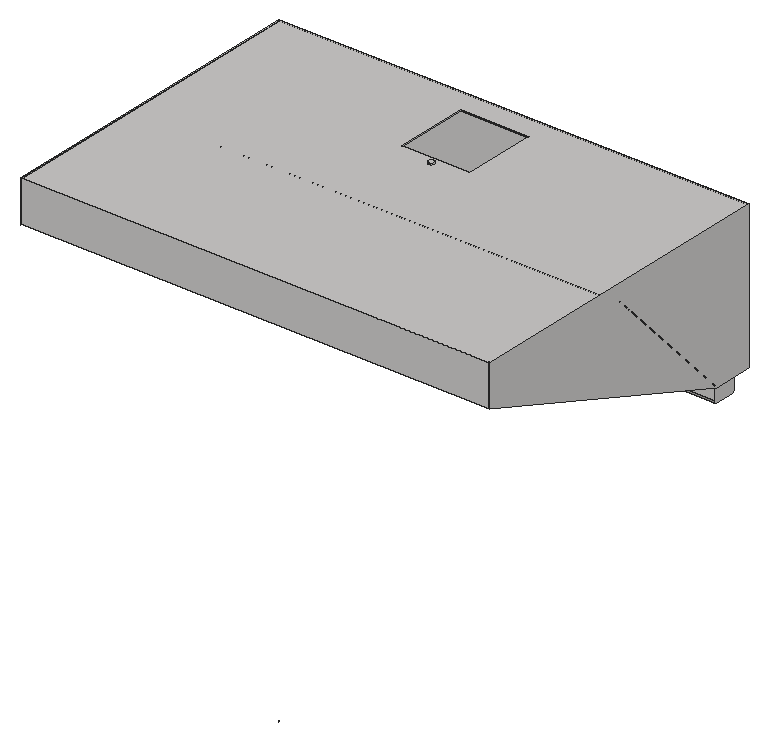
Revit family "QF_ZANUSSI_644213_AMPV1116DT", category Specialty Equipment, Revit 2023
Family settings
  Round Connector Dimension = Use Diameter
  Part Type = Normal
  Work Plane-Based = No
  Enable Cutting in Views = No
  Always vertical = Yes
  Cut with Voids When Loaded = No
  Maintain Annotation Orientation = No
  Shared = No
  Room Calculation Point = No
Parameters
  Weight = 51.00 kg
  Watts = 0 W
  Volts = 220 V
  URL Manufacturer = "http://www.zanussiprofessional.com"
  URL = "http://www.zanussiprofessional.com"
  Phase = 1
  Model = "AMPV1116DT"
  Manufacturer = "Zanussi"
  Length Actual = 1600 mm
  Item Number = "644213"
  Height Actual = 500 mm
  HP = "0.4 HP"
  Gas KW = 0
  Description = "304 S/S WALL HOOD+FILTERS+FAN 1600X1100"
  Depth Actual = 1100 mm
  Default Elevation = 0 mm
  Cycle = 50 Hz
  Accessory = no
Reference planes
  plane 1 "Center (Front/Back)": y = 0
  plane 2: z = 0
  plane 3 "Center (Left/Right)": x = 150
  plane 4 "LEFT": x = -650
  plane 5 "RIGHT": x = 950
  plane 6 "BACK": y = 550
  plane 7 "FRONT": y = -550
  plane 8 "Plane": z = 2000
  plane 9 "TOP": z = 2140
  plane 10 "Base": z = 1640
  plane 11: z = 1566
  plane 12 "DrainY": y = 485
  plane 13: x = -647
  plane 14: through (0, 414.509, 1640.8) normal (0, 0.7314, 0.682)
  plane 15: y = 470
  plane 16: y = 220
  plane 17 "DrainX": x = 830
  plane 18: x = 33.5
  plane 19: x = 266.5
  plane 20: x = 947
  plane 21: x = 740
  plane 22: x = 920
  plane 23: x = -450
  plane 24: x = 750
  plane 25: x = -47.5
  plane 26: x = 347.5
  plane 27: y = 200
Forms (mm)
  Extrusion 1, solid, material "QF_Finishes_Stainless Steel"
    sketch origin (-650, 0, 0) x (0, 1, 0) y (0, 0, 1)
      loop
        line (550, 1640) -> (550, 2140) -> (-550, 2140) -> (-550, 1999.112) -> (413.973, 1640) -> (550, 1640)
    from 0 to 3
  Extrusion 2, solid, material "QF_Finishes_Stainless Steel"
    sketch origin (150, 0, 0) x (0, 1, 0) y (0, 0, 1)
      loop
        line (415.255, 1640) -> (550, 1640) -> (550, 2139.19) -> (549.2, 2139.19) -> (549.2, 1640.8) -> (415.876, 1640.8) -> (339.347, 1722.867) -> (349.609, 1732.436) -> (348.927, 1733.167) -> (337.934, 1722.917) -> (415.255, 1640)
      loop
        line (-82.203, 2139.19) -> (-82.203, 2118.6) -> (-31.047, 2118.6) -> (34.354, 2048.466) -> (46.028, 2059.352) -> (45.346, 2060.083) -> (34.403, 2049.879) -> (-30.612, 2119.6) -> (-81.203, 2119.6) -> (-81.203, 2139.19) -> (-82.203, 2139.19)
    from -797 to 797
  Extrusion 3, solid, material "QF_Finishes_Stainless Steel"
    sketch origin (950, 0, 0) x (0, 1, 0) y (0, 0, 1)
      loop
        line (550, 1640) -> (550, 2140) -> (-550, 2140) -> (-550, 1999.112) -> (413.973, 1640) -> (550, 1640)
    from 0 to -3
  Extrusion 4, solid, material "QF_Finishes_Stainless Steel"
    sketch origin (150, 0, 0) x (0, 1, 0) y (0, 0, 1)
      loop
        line (-550, 2140) -> (-550, 2000) -> (-549.2, 2000) -> (-549.2, 2139.19) -> (550, 2139.19) -> (550, 2140) -> (-550, 2140)
    from -800 to 800
  Extrusion 5, solid, material "QF_Finishes_Stainless Steel"
    sketch origin (150, 0, 0) x (0, 1, 0) y (0, 0, 1)
      loop
        line (534, 1640) -> (436, 1640) -> (436, 1627) -> (443.5, 1627) -> (443.5, 1576)
        arc (443.5, 1576) -> (446.429, 1568.929) -> (453.5, 1566) r 10
        line (453.5, 1566) -> (516.5, 1566)
        arc (516.5, 1566) -> (523.571, 1568.929) -> (526.5, 1576) r 10
        line (526.5, 1576) -> (526.5, 1627) -> (534, 1627) -> (534, 1640)
    from 590 to 770
  Extrusion 6, solid, material "QF_Finishes_Stainless Steel"
    sketch origin (0, 0, 1640) x (0, 1, 0) y (-1, 0, 0)
      loop
        circle (485, -830) r 20
    from -76 to -74
  Extrusion 7, solid, material "QF_Finished_Chrome"
    sketch origin (150, 0, 0) x (0, 1, 0) y (0, 0, 1)
      loop
        line (337.934, 1722.917) -> (341.591, 1726.327) -> (38.011, 2051.876) -> (34.354, 2048.466) -> (337.934, 1722.917)
    from -197.5 to -600
  Extrusion 8, solid, material "QF_Finishes_Stainless Steel"
    sketch origin (150, 0, 0) x (0, 1, 0) y (0, 0, 1)
      loop
        line (337.934, 1722.917) -> (341.591, 1726.327) -> (38.011, 2051.876) -> (34.354, 2048.466) -> (337.934, 1722.917)
    from 797 to 600
  Extrusion 9, solid, material "QF_Finished_Chrome"
    sketch origin (150, 0, 0) x (0, 1, 0) y (0, 0, 1)
      loop
        line (341.588, 1726.324) -> (38.009, 2051.874) -> (34.354, 2048.466) -> (337.934, 1722.917) -> (341.588, 1726.324)
    from 197.5 to 600
  Extrusion 10, void
    sketch origin (0, 0, 2140) x (0, 1, 0) y (-1, 0, 0)
      loop
        line (470, -266.5) -> (470, -33.5) -> (220, -33.5) -> (220, -266.5) -> (470, -266.5)
    from 0 to -10
  Extrusion 11, solid, material "QF_Finishes_Stainless Steel"
    sketch origin (0, 0, 0) x (1, 0, 0) y (0, 1, 0)
      loop
        line (-650, 550) -> (-650, 549) -> (-649, 549) -> (-649, 550) -> (-650, 550)
    from 0 to 1
  Extrusion 12, solid, material "QF_Finishes_Stainless Steel"
    sketch origin (150, 0, 0) x (0, 1, 0) y (0, 0, 1)
      loop
        line (337.934, 1722.917) -> (341.591, 1726.327) -> (38.011, 2051.876) -> (34.354, 2048.466) -> (337.934, 1722.917)
    from -600 to -797
  Extrusion 13, solid, material "QF_Finishes_Stainless Steel"
    sketch origin (150, 0, 0) x (0, 1, 0) y (0, 0, 1)
      loop
        line (337.934, 1722.917) -> (341.591, 1726.327) -> (38.011, 2051.876) -> (34.354, 2048.466) -> (337.934, 1722.917)
    from 197.5 to -197.5
  Extrusion 14, solid, material "QF_Finishes_Stainless Steel"
    sketch origin (0, 0, 2140) x (0, 1, 0) y (-1, 0, 0)
      loop
        circle (200, -150) r 10
    from 0 to 1.6
Cuts and joins
  Extrusion 10 cuts Extrusion 4
  joined: Extrusion 2, Extrusion 4
Lines and regions (mm)
  reference lines
    curve 1: line (150, 34.354, 2048.466) -> (150, 34.354, 1888.466)
  symbolic lines, style "SpecialityEquipment", detail levels coarse
    curve 2: line (950, 550, 2140) -> (-650, 550, 2140)
    curve 3: line (-650, 550, 2140) -> (-650, -550, 2140)
    curve 4: line (950, -550, 2140) -> (950, 550, 2140)
    curve 5: line (-650, -550, 2140) -> (950, -550, 2140)
    curve 6: line (266.5, 220, 2140) -> (33.5, 220, 2140)
    curve 7: line (266.5, 470, 2140) -> (266.5, 220, 2140)
    curve 8: line (33.5, 470, 2140) -> (266.5, 470, 2140)
    curve 9: line (33.5, 220, 2140) -> (33.5, 470, 2140)
    curve 10: line (-650, 550, 0) -> (950, -550, 0)
    curve 11: line (950, 550, 0) -> (-650, -550, 0)
Dimensions and locks
  plane 4 "LEFT" to plane 5 "RIGHT" = 1600 mm
  equal spacing: plane 4 "LEFT", plane 3 "Center (Left/Right)", plane 5 "RIGHT"
  locked: plane 8 "Plane" to level at 2000
  plane 9 "TOP" to plane 8 "Plane" = 140 mm
  locked: plane 9 "TOP" to plane 10 "Base" at 500
  plane 10 "Base" to plane 11 = 74 mm
  plane 6 "BACK" to plane 12 "DrainY" = 65 mm  (x2)
  plane 4 "LEFT" to plane 13 = 3 mm
  plane 6 "BACK" to plane 15 = 80 mm
  plane 15 to plane 16 = 250 mm  (x2)
  plane 17 "DrainX" to plane 5 "RIGHT" = 120 mm
  plane 20 to plane 5 "RIGHT" = 3 mm
  locked: plane 21 to plane 17 "DrainX" at 90
  locked: plane 17 "DrainX" to plane 22 at 90
  plane 6 "BACK" to plane 7 "FRONT" = 1100 mm  (x2)
  equal spacing: plane 6 "BACK", plane 1 "Center (Front/Back)", plane 7 "FRONT"
  plane 16 to plane 7 "FRONT" = 770 mm
  plane 15 to plane 6 "BACK" = 80 mm
  plane 4 "LEFT" to plane 23 = 200 mm
  plane 24 to plane 5 "RIGHT" = 200 mm
  locked: plane 25 to plane 26 at 395
  equal spacing: plane 25, plane 3 "Center (Left/Right)", plane 26
  locked: plane 18 to plane 19 at 233
  equal spacing: plane 18, plane 3 "Center (Left/Right)", plane 19
  plane 16 to plane 27 = 20 mm
  aligned and locked: level to plane 2
  aligned and locked: Extrusion 2 to Extrusion 1
  aligned and locked: Extrusion 2 to Extrusion 3
  aligned and locked: plane 5 "RIGHT" to Extrusion 4
  aligned and locked: Extrusion 4 to plane 4 "LEFT"
  aligned and locked: plane 20 to Extrusion 8
  aligned and locked: Extrusion 10 to plane 18
  aligned and locked: Extrusion 10 to plane 16
  aligned and locked: Extrusion 10 to plane 15
  aligned and locked: Extrusion 2 to Extrusion 4
  aligned and locked: plane 22 to Extrusion 5
  aligned and locked: Extrusion 5 to plane 21
  aligned and locked: Extrusion 8 to plane 24
  aligned and locked: Extrusion 9 to plane 24
  aligned and locked: Extrusion 7 to plane 23
  aligned and locked: Extrusion 12 to plane 13
  aligned and locked: plane 23 to Extrusion 12
  aligned and locked: Extrusion 3 to plane 20
  aligned and locked: Extrusion 10 to plane 19
  aligned and locked: plane 19 to curve 7
  aligned and locked: plane 26 to Extrusion 13
  aligned and locked: Extrusion 13 to plane 25
  aligned and locked: Extrusion 9 to plane 26
Automatic sketch dimensions
  curve 5 to plane 5 "RIGHT" = 0 mm
  curve 5 to plane 7 "FRONT" = 0 mm
  curve 6 to plane 16 = 0 mm
  plane 15 to curve 8 = 0 mm
  curve 3 to plane 4 "LEFT" = 0 mm
  curve 3 to plane 6 "BACK" = 0 mm
  curve 6 to plane 18 = 0 mm
  Extrusion 1 sketch curve to plane 7 "FRONT" = 0 mm
  Extrusion 1 sketch curve to plane 10 "Base" = 0 mm
  Extrusion 1 sketch curve to plane 6 "BACK" = 0 mm
  Extrusion 1 sketch curve to plane 9 "TOP" = 0 mm
  plane 15 to Extrusion 1 sketch curve = 56.027 mm
  Extrusion 1 sketch curve to plane 8 "Plane" = 0.888 mm
  Extrusion 2 sketch curve to plane 14 = 0 mm  (x3)
  Extrusion 2 sketch curve to plane 10 "Base" = 0 mm
  plane 14 to Extrusion 2 sketch curve = 0 mm
  Extrusion 2 sketch curve to plane 6 "BACK" = 0 mm
  Extrusion 2 sketch curve to Extrusion 2 sketch curve = 65.646 mm
  Extrusion 2 sketch curve to Extrusion 2 sketch curve = 0.682 mm  (x2)
  Extrusion 2 sketch curve to Extrusion 2 sketch curve = 10.261 mm
  plane 10 "Base" to Extrusion 2 sketch curve = 82.917 mm
  Extrusion 2 sketch curve to plane 1 "Center (Front/Back)" = 46.028 mm
  Extrusion 2 sketch curve to Extrusion 2 sketch curve = 10.942 mm
  Extrusion 2 sketch curve to Extrusion 2 sketch curve = 0.049 mm
  Extrusion 2 sketch curve to plane 9 "TOP" = 20.4 mm
  Extrusion 2 sketch curve to plane 9 "TOP" = 21.4 mm
  Extrusion 2 sketch curve to plane 9 "TOP" = 0.81 mm  (x2)
  Extrusion 2 sketch curve to Extrusion 2 sketch curve = 50.156 mm
  Extrusion 2 sketch curve to Extrusion 2 sketch curve = 1 mm
  plane 10 "Base" to Extrusion 2 sketch curve = 0.8 mm
  Extrusion 2 sketch curve to plane 6 "BACK" = 0.8 mm
  Extrusion 3 sketch curve to plane 7 "FRONT" = 0 mm
  Extrusion 3 sketch curve to plane 10 "Base" = 0 mm
  Extrusion 3 sketch curve to plane 6 "BACK" = 0 mm
  Extrusion 3 sketch curve to plane 9 "TOP" = 0 mm
  plane 15 to Extrusion 3 sketch curve = 56.027 mm
  Extrusion 3 sketch curve to plane 8 "Plane" = 0.888 mm
  Extrusion 4 sketch curve to plane 7 "FRONT" = 0 mm
  Extrusion 4 sketch curve to plane 8 "Plane" = 0 mm
  Extrusion 4 sketch curve to plane 6 "BACK" = 0 mm
  Extrusion 4 sketch curve to plane 9 "TOP" = 0 mm
  plane 7 "FRONT" to Extrusion 4 sketch curve = 0.8 mm
  Extrusion 4 sketch curve to plane 9 "TOP" = 0.81 mm
  curve 1 to plane 14 = 0 mm
  curve 1 to plane 1 "Center (Front/Back)" = 34.354 mm
  curve 1 to plane 8 "Plane" = 111.534 mm
  Extrusion 5 sketch curve to plane 10 "Base" = 0 mm
  Extrusion 5 sketch curve to plane 11 = 0 mm
  Extrusion 5 sketch curve to plane 10 "Base" = 13 mm  (x2)
  plane 15 to Extrusion 5 sketch curve = 34 mm
  Extrusion 5 sketch curve to Extrusion 5 sketch curve = 7.5 mm  (x2)
  Extrusion 5 sketch curve to Extrusion 5 sketch curve = 10 mm
  plane 12 "DrainY" to Extrusion 5 sketch curve = 31.5 mm
  Extrusion 5 sketch curve to plane 6 "BACK" = 23.5 mm
  Extrusion 6 sketch curve to plane 12 "DrainY" = 0 mm
  Extrusion 6 sketch curve to plane 17 "DrainX" = 0 mm
  Extrusion 7 sketch curve to plane 14 = 0 mm  (x2)
  Extrusion 7 sketch curve to plane 1 "Center (Front/Back)" = 34.354 mm
  Extrusion 7 sketch curve to Extrusion 7 sketch curve = 3.657 mm
  plane 10 "Base" to Extrusion 7 sketch curve = 82.917 mm
  Extrusion 8 sketch curve to plane 14 = 0 mm  (x2)
  Extrusion 8 sketch curve to plane 1 "Center (Front/Back)" = 34.354 mm
  Extrusion 8 sketch curve to Extrusion 8 sketch curve = 3.657 mm
  plane 10 "Base" to Extrusion 8 sketch curve = 82.917 mm
  Extrusion 9 sketch curve to plane 14 = 0 mm  (x2)
  Extrusion 9 sketch curve to plane 1 "Center (Front/Back)" = 34.354 mm
  Extrusion 9 sketch curve to Extrusion 9 sketch curve = 3.655 mm
  plane 10 "Base" to Extrusion 9 sketch curve = 82.917 mm
  Extrusion 10 sketch curve to plane 16 = 0 mm
  plane 15 to Extrusion 10 sketch curve = 0 mm
  Extrusion 10 sketch curve to plane 19 = 0 mm
  Extrusion 10 sketch curve to plane 18 = 0 mm
  Extrusion 11 sketch curve to plane 4 "LEFT" = 0 mm
  Extrusion 11 sketch curve to plane 6 "BACK" = 0 mm
  plane 4 "LEFT" to Extrusion 11 sketch curve = 1 mm
  Extrusion 11 sketch curve to Extrusion 11 sketch curve = 1 mm
  Extrusion 12 sketch curve to plane 14 = 0 mm  (x2)
  Extrusion 12 sketch curve to plane 1 "Center (Front/Back)" = 34.354 mm
  Extrusion 12 sketch curve to Extrusion 12 sketch curve = 3.657 mm
  plane 10 "Base" to Extrusion 12 sketch curve = 82.917 mm
  Extrusion 13 sketch curve to plane 14 = 0 mm  (x2)
  Extrusion 13 sketch curve to plane 1 "Center (Front/Back)" = 34.354 mm
  Extrusion 13 sketch curve to Extrusion 13 sketch curve = 3.657 mm
  plane 10 "Base" to Extrusion 13 sketch curve = 82.917 mm
  curve 11 to plane 4 "LEFT" = 0 mm
  curve 10 to plane 4 "LEFT" = 0 mm
  curve 11 to plane 5 "RIGHT" = 0 mm
  curve 10 to plane 5 "RIGHT" = 0 mm
  curve 10 to plane 7 "FRONT" = 0 mm
  curve 11 to plane 7 "FRONT" = 0 mm
  curve 11 to plane 6 "BACK" = 0 mm
  curve 10 to plane 6 "BACK" = 0 mm
  Extrusion 14 sketch curve to plane 3 "Center (Left/Right)" = 0 mm
  Extrusion 14 sketch curve to plane 27 = 0 mm
  radius of Extrusion 6 sketch curve = 20 mm
  radius of Extrusion 14 sketch curve = 10 mm
Connectors
  piping at (830, 485, 1564), diameter 20
    settings: on Extrusion 6, index 1, connector inside diameter 609.6 mm, connector length 0 mm, flow factor 0, pipe flow 0.0 L/s, pressure drop 0.0 Pa, fitting loss kfactor 0, connector angle 0.00°, fixture units 0, engagement length 0 mm, angle of deflection 0.00°, flow configuration 1, flow direction 2, fitting loss method 0, system type 16, joint type 0, gender type 0, connector reference index -1, connector utility 0, adjustable connector no, is connector primary yes, connector description "Drain"
  hvac at (150, 345, 2140)
    settings: on Extrusion 10, index 2, duct flow 0.0 L/s, flow factor 0, pres drop 0.0 Pa, loss coef 0, conn angle 0.00°, conn width 250 mm, conn height 233 mm, conn diameter 609.6 mm, duct sys type 3, conn prof type 1, flow config 1, flow direction 2, loss method 0, conn ref index -1, conn util no, is conn primary yes, conn desc "EXHAUST OUTLET"
  electrical at (150, 200, 2141.6)
    settings: on Extrusion 14, index 3, voltage 0 V, apparent load 0 VA, apparent load phase1 0 VA, apparent load phase2 0 VA, apparent load phase3 0 VA, power factor 1, load classification "Other", number of poles 1, system type 30, power factor state 1, is connector primary yes, connector utility no, sub classification motor no, connector description "Electrical Connection"
